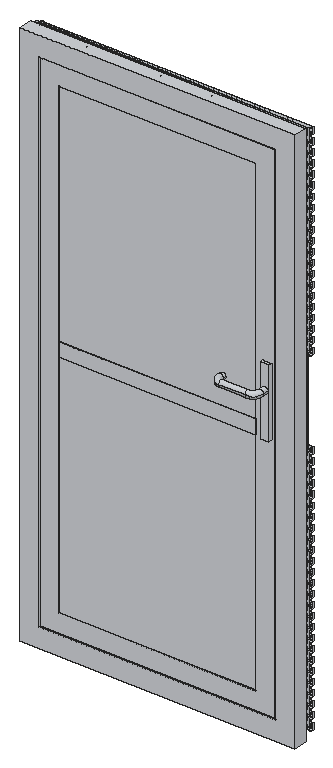
Revit family "NLRS_31_DO_WB_HS27R enkele deur-AV_jazo_jazo", category Doors, host Wall, Revit 2020 (continued)
Definition of nested family "NLRS_31_GM_UN_HS27R start schoep-AV"
  Automatic sketch dimensions
    Extrusion 1 sketch curve to Extrusion 1 sketch curve = 0.233 mm  (x2)
    Extrusion 1 sketch curve to Extrusion 1 sketch curve = 0.966 mm  (x2)
    level to Extrusion 1 sketch curve = 1.769 mm
    Extrusion 1 sketch curve to plane 1 "Center (Front/Back)" = 2.954 mm
    Extrusion 1 sketch curve to Extrusion 1 sketch curve = 0.707 mm  (x2)
    Extrusion 1 sketch curve to Extrusion 1 sketch curve = 0.177 mm  (x2)
    Extrusion 1 sketch curve to Extrusion 1 sketch curve = 0.884 mm  (x2)
    Extrusion 1 sketch curve to plane 1 "Center (Front/Back)" = 0.845 mm
    plane 1 "Center (Front/Back)" to Extrusion 1 sketch curve = 6.941 mm
    plane 1 "Center (Front/Back)" to Extrusion 1 sketch curve = 7.341 mm
    Extrusion 1 sketch curve to Extrusion 1 sketch curve = 0.659 mm
    plane 1 "Center (Front/Back)" to Extrusion 1 sketch curve = 8.195 mm
    Extrusion 1 sketch curve to plane 4 "Top" = 1.716 mm
    Extrusion 1 sketch curve to Extrusion 1 sketch curve = 1.259 mm
    Extrusion 1 sketch curve to Extrusion 1 sketch curve = 0.902 mm
    Extrusion 1 sketch curve to Extrusion 1 sketch curve = 0.7 mm
    Extrusion 1 sketch curve to Extrusion 1 sketch curve = 0 mm
    Extrusion 1 sketch curve to Extrusion 1 sketch curve = 3.2 mm  (x2)
    Extrusion 1 sketch curve to Extrusion 1 sketch curve = 1.8 mm  (x2)
    Extrusion 1 sketch curve to plane 4 "Top" = 0.7 mm
    Extrusion 1 sketch curve to Extrusion 1 sketch curve = 1.787 mm
    Extrusion 1 sketch curve to Extrusion 1 sketch curve = 8.824 mm
    Extrusion 1 sketch curve to Extrusion 1 sketch curve = 1.695 mm
    Extrusion 1 sketch curve to Extrusion 1 sketch curve = 1.012 mm
    Extrusion 1 sketch curve to Extrusion 1 sketch curve = 8.525 mm
    Extrusion 1 sketch curve to Extrusion 1 sketch curve = 10.255 mm
    Extrusion 1 sketch curve to Extrusion 1 sketch curve = 0.108 mm
    Extrusion 1 sketch curve to Extrusion 1 sketch curve = 1.582 mm
    Extrusion 1 sketch curve to Extrusion 1 sketch curve = 1.456 mm
    Extrusion 1 sketch curve to Extrusion 1 sketch curve = 5.649 mm
    Extrusion 1 sketch curve to Extrusion 1 sketch curve = 1.865 mm
    Extrusion 1 sketch curve to Extrusion 1 sketch curve = 0.553 mm
    Extrusion 1 sketch curve to Extrusion 1 sketch curve = 0.79 mm
    Extrusion 1 sketch curve to Extrusion 1 sketch curve = 15.603 mm
    Extrusion 1 sketch curve to Extrusion 1 sketch curve = 0.614 mm  (x2)
    Extrusion 1 sketch curve to Extrusion 1 sketch curve = 7.719 mm
    Extrusion 1 sketch curve to Extrusion 1 sketch curve = 0.9 mm
Definition of nested family "NLRS_31_GM_UN_HS27R schoep-AV"
  Parameters (values of type "HS27R schoep")
    URL = "www.jazo.com"
    NLRS_C_zichtbaar_01 = yes
    NLRS_C_stelruimte_01 = 4 mm  # constant formula
    NLRS_C_materiaal = none
    NLRS_C_breedte [instance] = 2500 mm
    Model = ""
    Manufacturer = "JAZO Zevenaar bv"
    Description = "HS27R schoep"
    Default Elevation = 0 mm
    Assembly Code = "23.30.60.11.17.11"
  Reference planes
    plane 1 "Center (Front/Back)": y = 0
    plane 2 "Bottom": z = 0
    plane 3 "Center (Left/Right)": x = 0
    plane 4 "Top": z = 51.277
    plane 5 "Left": x = -1250
    plane 6 "Right": x = 1250
    plane 7 "schoep l": x = -1246
    plane 8 "schoep r": x = 1246
    plane 9 "achterkant schoep": y = -15
    plane 10 "voorkant schoep": y = 15
    plane 11 "voorkant kozijn": y = -26
  Forms (mm)
    Extrusion 1, solid, material <- "NLRS_C_materiaal", visible <- "NLRS_C_zichtbaar_01"
      sketch origin (0, -15, 0) x (0, -1, 0) y (0, 0, -1)
        loop
          arc (-6.8, -48.582) -> (-6.996, -48.979) -> (-7.429, -49.065) r 0.5
          line (-7.429, -49.065) -> (-12.671, -47.661)
          arc (-12.671, -47.661) -> (-13.773, -48.297) -> (-13.137, -49.4) r 0.9
          line (-13.137, -49.4) -> (-6.259, -51.242)
          arc (-6.259, -51.242) -> (-5.391, -51.07) -> (-5, -50.277) r 1
          line (-5, -50.277) -> (-5, -39.273) -> (0, -39.273) -> (0, -34.273) -> (-1.8, -34.273) -> (-1.8, -37.473) -> (-5, -37.473) -> (-5, -25.969)
          arc (-5, -25.969) -> (-5.902, -25.273) -> (-6.805, -25.969) r 0.933
          line (-6.805, -25.969) -> (-6.805, -26.759) -> (-28.2, -21.026) -> (-28.2, -13.308) -> (-26.2, -13.308)
          arc (-26.2, -13.308) -> (-25.3, -12.408) -> (-26.2, -11.508) r 0.9
          line (-26.2, -11.508) -> (-28.2, -11.508) -> (-28.2, -3.789) -> (-20.663, -1.769)
          arc (-20.663, -1.769) -> (-20.027, -0.667) -> (-21.129, -0.031) r 0.9
          line (-21.129, -0.031) -> (-29.259, -2.209)
          arc (-29.259, -2.209) -> (-29.793, -2.566) -> (-30, -3.175) r 1
          line (-30, -3.175) -> (-30, -21.64)
          arc (-30, -21.64) -> (-29.793, -22.249) -> (-29.259, -22.606) r 1
          line (-29.259, -22.606) -> (-6.8, -28.624) -> (-6.8, -48.582)
      from -1246 to 1246
  Dimensions and locks
    equal spacing: plane 5 "Left", plane 3 "Center (Left/Right)", plane 6 "Right"
    "NLRS_C_breedte": plane 5 "Left" to plane 6 "Right"
    "NLRS_C_stelruimte_01": plane 5 "Left" to plane 7 "schoep l"
    "NLRS_C_stelruimte_01": plane 8 "schoep r" to plane 6 "Right"
    locked: plane 9 "achterkant schoep" to plane 11 "voorkant kozijn" at 11
    aligned and locked: level to plane 2 "Bottom"
    aligned and locked: plane 8 "schoep r" to Extrusion 1
    aligned and locked: Extrusion 1 to plane 7 "schoep l"
  Automatic sketch dimensions
    Extrusion 1 sketch curve to plane 1 "Center (Front/Back)" = 15 mm
    Extrusion 1 sketch curve to Extrusion 1 sketch curve = 0.741 mm  (x2)
    level to Extrusion 1 sketch curve = 2.209 mm
    Extrusion 1 sketch curve to Extrusion 1 sketch curve = 0.259 mm  (x3)
    Extrusion 1 sketch curve to Extrusion 1 sketch curve = 0.8 mm  (x2)
    Extrusion 1 sketch curve to Extrusion 1 sketch curve = 2 mm
    level to Extrusion 1 sketch curve = 0.031 mm
    Extrusion 1 sketch curve to plane 1 "Center (Front/Back)" = 6.129 mm
    Extrusion 1 sketch curve to Extrusion 1 sketch curve = 0.233 mm  (x4)
    level to Extrusion 1 sketch curve = 1.769 mm
    plane 1 "Center (Front/Back)" to Extrusion 1 sketch curve = 1.863 mm
    Extrusion 1 sketch curve to plane 4 "Top" = 2.211 mm
    Extrusion 1 sketch curve to Extrusion 1 sketch curve = 5.241 mm
    Extrusion 1 sketch curve to Extrusion 1 sketch curve = 0.129 mm
    plane 1 "Center (Front/Back)" to Extrusion 1 sketch curve = 8.195 mm
    Extrusion 1 sketch curve to Extrusion 1 sketch curve = 0.005 mm
    Extrusion 1 sketch curve to plane 4 "Top" = 0.034 mm
    Extrusion 1 sketch curve to Extrusion 1 sketch curve = 1.171 mm
    Extrusion 1 sketch curve to Extrusion 1 sketch curve = 0.902 mm  (x2)
    Extrusion 1 sketch curve to plane 4 "Top" = 1 mm
    Extrusion 1 sketch curve to Extrusion 1 sketch curve = 3.2 mm  (x2)
    Extrusion 1 sketch curve to Extrusion 1 sketch curve = 1.8 mm  (x2)
    Extrusion 1 sketch curve to plane 4 "Top" = 1.877 mm
    Extrusion 1 sketch curve to Extrusion 1 sketch curve = 0.869 mm
    Extrusion 1 sketch curve to Extrusion 1 sketch curve = 9.31 mm
    Extrusion 1 sketch curve to Extrusion 1 sketch curve = 5.649 mm
    Extrusion 1 sketch curve to Extrusion 1 sketch curve = 1.865 mm
    Extrusion 1 sketch curve to Extrusion 1 sketch curve = 0.553 mm
    Extrusion 1 sketch curve to Extrusion 1 sketch curve = 0.79 mm
    Extrusion 1 sketch curve to Extrusion 1 sketch curve = 19.431 mm
    Extrusion 1 sketch curve to Extrusion 1 sketch curve = 0.614 mm  (x2)
    Extrusion 1 sketch curve to Extrusion 1 sketch curve = 7.719 mm
    Extrusion 1 sketch curve to Extrusion 1 sketch curve = 0.9 mm
Definition of nested family "NLRS_31_GM_UN_HS27R scharnier schoep-AV"
  Parameters (values of type "HS27R scharnier schoep")
    URL = "www.jazo.com"
    NLRS_C_zichtbaar_01 = yes
    NLRS_C_stelruimte_01 = 4 mm  # constant formula
    NLRS_C_materiaal = none
    NLRS_C_breedte_01 = 40 mm  # constant formula
    NLRS_C_breedte [instance] = 2500 mm
    Model = ""
    Manufacturer = "JAZO Zevenaar bv"
    Description = "HS27R scharnier schoep HS27"
    Default Elevation = 0 mm
    Assembly Code = "23.30.60.11.17.11"
  Reference planes
    plane 1 "Center (Front/Back)": y = 0
    plane 2 "Bottom": z = 0
    plane 3 "Center (Left/Right)": x = 0
    plane 4 "Top": z = 51.277
    plane 5 "scharnier": x = -1206
    plane 6 "Left": x = -1250
    plane 7 "Right": x = 1250
    plane 8 "schoep l": x = -1246
    plane 9 "schoep r": x = 1246
    plane 10 "achterkant schoep": y = -15
    plane 11 "voorkant schoep": y = 15
    plane 12 "voorkant kozijn": y = -26
  Forms (mm)
    Extrusion 1, solid, material <- "NLRS_C_materiaal", visible <- "NLRS_C_zichtbaar_01"
      sketch origin (0, -15, 0) x (0, -1, 0) y (0, 0, -1)
        loop
          arc (-6.8, -48.582) -> (-6.996, -48.979) -> (-7.429, -49.065) r 0.5
          line (-7.429, -49.065) -> (-12.671, -47.661)
          arc (-12.671, -47.661) -> (-13.773, -48.297) -> (-13.137, -49.4) r 0.9
          line (-13.137, -49.4) -> (-6.259, -51.242)
          arc (-6.259, -51.242) -> (-5.391, -51.07) -> (-5, -50.277) r 1
          line (-5, -50.277) -> (-5, -39.273) -> (0, -39.273) -> (0, -34.273) -> (-1.8, -34.273) -> (-1.8, -37.473) -> (-5, -37.473) -> (-5, -25.969)
          arc (-5, -25.969) -> (-5.902, -25.273) -> (-6.805, -25.969) r 0.933
          line (-6.805, -25.969) -> (-6.805, -26.759) -> (-28.2, -21.026) -> (-28.2, -13.308) -> (-26.2, -13.308)
          arc (-26.2, -13.308) -> (-25.3, -12.408) -> (-26.2, -11.508) r 0.9
          line (-26.2, -11.508) -> (-28.2, -11.508) -> (-28.2, -3.789) -> (-20.663, -1.769)
          arc (-20.663, -1.769) -> (-20.027, -0.667) -> (-21.129, -0.031) r 0.9
          line (-21.129, -0.031) -> (-29.259, -2.209)
          arc (-29.259, -2.209) -> (-29.793, -2.566) -> (-30, -3.175) r 1
          line (-30, -3.175) -> (-30, -21.64)
          arc (-30, -21.64) -> (-29.793, -22.249) -> (-29.259, -22.606) r 1
          line (-29.259, -22.606) -> (-6.8, -28.624) -> (-6.8, -48.582)
      from -1206 to 1246
  Dimensions and locks
    equal spacing: plane 6 "Left", plane 3 "Center (Left/Right)", plane 7 "Right"
    "NLRS_C_breedte_01": plane 8 "schoep l" to plane 5 "scharnier"
    "NLRS_C_stelruimte_01": plane 9 "schoep r" to plane 7 "Right"
    "NLRS_C_stelruimte_01": plane 6 "Left" to plane 8 "schoep l"
    "NLRS_C_breedte": plane 6 "Left" to plane 7 "Right"
    locked: plane 10 "achterkant schoep" to plane 12 "voorkant kozijn" at 11
    aligned and locked: level to plane 2 "Bottom"
    aligned and locked: plane 9 "schoep r" to Extrusion 1
    aligned and locked: plane 5 "scharnier" to Extrusion 1
  Automatic sketch dimensions
    Extrusion 1 sketch curve to plane 1 "Center (Front/Back)" = 15 mm
    Extrusion 1 sketch curve to Extrusion 1 sketch curve = 0.741 mm  (x2)
    level to Extrusion 1 sketch curve = 2.209 mm
    Extrusion 1 sketch curve to Extrusion 1 sketch curve = 1 mm  (x2)
    Extrusion 1 sketch curve to Extrusion 1 sketch curve = 0.8 mm  (x2)
    Extrusion 1 sketch curve to Extrusion 1 sketch curve = 2 mm
    level to Extrusion 1 sketch curve = 0.031 mm
    Extrusion 1 sketch curve to plane 1 "Center (Front/Back)" = 6.129 mm
    Extrusion 1 sketch curve to Extrusion 1 sketch curve = 0.233 mm  (x4)
    level to Extrusion 1 sketch curve = 1.769 mm
    plane 1 "Center (Front/Back)" to Extrusion 1 sketch curve = 1.863 mm
    Extrusion 1 sketch curve to plane 4 "Top" = 2.211 mm
    Extrusion 1 sketch curve to Extrusion 1 sketch curve = 5.241 mm
    Extrusion 1 sketch curve to Extrusion 1 sketch curve = 0.129 mm
    plane 1 "Center (Front/Back)" to Extrusion 1 sketch curve = 8.195 mm
    Extrusion 1 sketch curve to Extrusion 1 sketch curve = 0.005 mm
    Extrusion 1 sketch curve to plane 4 "Top" = 0.034 mm
    Extrusion 1 sketch curve to Extrusion 1 sketch curve = 1.171 mm
    Extrusion 1 sketch curve to Extrusion 1 sketch curve = 0.259 mm
    Extrusion 1 sketch curve to Extrusion 1 sketch curve = 0.902 mm  (x2)
    Extrusion 1 sketch curve to plane 4 "Top" = 1 mm
    Extrusion 1 sketch curve to Extrusion 1 sketch curve = 3.2 mm  (x2)
    Extrusion 1 sketch curve to Extrusion 1 sketch curve = 1.8 mm  (x2)
    Extrusion 1 sketch curve to plane 4 "Top" = 1.877 mm
    Extrusion 1 sketch curve to Extrusion 1 sketch curve = 0.869 mm
    Extrusion 1 sketch curve to Extrusion 1 sketch curve = 9.31 mm
    Extrusion 1 sketch curve to Extrusion 1 sketch curve = 5.649 mm
    Extrusion 1 sketch curve to Extrusion 1 sketch curve = 1.865 mm
    Extrusion 1 sketch curve to Extrusion 1 sketch curve = 0.553 mm
    Extrusion 1 sketch curve to Extrusion 1 sketch curve = 0.79 mm
    Extrusion 1 sketch curve to Extrusion 1 sketch curve = 19.431 mm
    Extrusion 1 sketch curve to Extrusion 1 sketch curve = 0.614 mm  (x2)
    Extrusion 1 sketch curve to Extrusion 1 sketch curve = 7.719 mm
    Extrusion 1 sketch curve to Extrusion 1 sketch curve = 0.9 mm
Definition of nested family "NLRS_31_GM_UN_HS27R beslag schoep-AV"
  Parameters (values of type "HS27R beslag schoep")
    URL = "www.jazo.com"
    NLRS_C_zichtbaar_01 = yes
    NLRS_C_stelruimte_01 = 4 mm  # constant formula
    NLRS_C_materiaal = none
    NLRS_C_breedte_01 = 275 mm  # constant formula
    NLRS_C_breedte [instance] = 2500 mm
    Model = ""
    Manufacturer = "JAZO Zevenaar bv"
    Description = "HS27R beslag schoep"
    Default Elevation = 0 mm
    Assembly Code = "23.30.60.11.17.11"
  Reference planes
    plane 1 "Center (Front/Back)": y = 0
    plane 2 "Bottom": z = 0
    plane 3 "Center (Left/Right)": x = 0
    plane 4 "Top": z = 51.277
    plane 5 "beslag": x = 971
    plane 6 "Left": x = -1250
    plane 7 "Right": x = 1250
    plane 8 "schoep l": x = -1246
    plane 9 "schoep r": x = 1246
    plane 10 "achterkant schoep": y = -15
    plane 11 "voorkant schoep": y = 15
    plane 12 "voorkant kozijn": y = -26
  Forms (mm)
    Extrusion 1, solid, material <- "NLRS_C_materiaal", visible <- "NLRS_C_zichtbaar_01"
      sketch origin (0, -15, 0) x (0, -1, 0) y (0, 0, -1)
        loop
          arc (-6.8, -48.582) -> (-6.996, -48.979) -> (-7.429, -49.065) r 0.5
          line (-7.429, -49.065) -> (-12.671, -47.661)
          arc (-12.671, -47.661) -> (-13.773, -48.297) -> (-13.137, -49.4) r 0.9
          line (-13.137, -49.4) -> (-6.259, -51.242)
          arc (-6.259, -51.242) -> (-5.391, -51.07) -> (-5, -50.277) r 1
          line (-5, -50.277) -> (-5, -39.273) -> (0, -39.273) -> (0, -34.273) -> (-1.8, -34.273) -> (-1.8, -37.473) -> (-5, -37.473) -> (-5, -25.969)
          arc (-5, -25.969) -> (-5.902, -25.273) -> (-6.805, -25.969) r 0.933
          line (-6.805, -25.969) -> (-6.805, -26.759) -> (-28.2, -21.026) -> (-28.2, -13.308) -> (-26.2, -13.308)
          arc (-26.2, -13.308) -> (-25.3, -12.408) -> (-26.2, -11.508) r 0.9
          line (-26.2, -11.508) -> (-28.2, -11.508) -> (-28.2, -3.789) -> (-20.663, -1.769)
          arc (-20.663, -1.769) -> (-20.027, -0.667) -> (-21.129, -0.031) r 0.9
          line (-21.129, -0.031) -> (-29.259, -2.209)
          arc (-29.259, -2.209) -> (-29.793, -2.566) -> (-30, -3.175) r 1
          line (-30, -3.175) -> (-30, -21.64)
          arc (-30, -21.64) -> (-29.793, -22.249) -> (-29.259, -22.606) r 1
          line (-29.259, -22.606) -> (-6.8, -28.624) -> (-6.8, -48.582)
      from -1246 to 971
  Dimensions and locks
    equal spacing: plane 6 "Left", plane 3 "Center (Left/Right)", plane 7 "Right"
    "NLRS_C_breedte": plane 6 "Left" to plane 7 "Right"
    "NLRS_C_breedte_01": plane 5 "beslag" to plane 9 "schoep r"
    "NLRS_C_stelruimte_01": plane 6 "Left" to plane 8 "schoep l"
    "NLRS_C_stelruimte_01": plane 9 "schoep r" to plane 7 "Right"
    locked: plane 10 "achterkant schoep" to plane 12 "voorkant kozijn" at 11
    aligned and locked: level to plane 2 "Bottom"
    aligned and locked: Extrusion 1 to plane 5 "beslag"
    aligned and locked: Extrusion 1 to plane 8 "schoep l"
  Automatic sketch dimensions
    Extrusion 1 sketch curve to plane 1 "Center (Front/Back)" = 15 mm
    Extrusion 1 sketch curve to Extrusion 1 sketch curve = 0.741 mm  (x2)
    level to Extrusion 1 sketch curve = 2.209 mm
    Extrusion 1 sketch curve to Extrusion 1 sketch curve = 0.259 mm  (x3)
    Extrusion 1 sketch curve to Extrusion 1 sketch curve = 0.8 mm  (x2)
    Extrusion 1 sketch curve to Extrusion 1 sketch curve = 2 mm
    level to Extrusion 1 sketch curve = 0.031 mm
    Extrusion 1 sketch curve to plane 1 "Center (Front/Back)" = 6.129 mm
    Extrusion 1 sketch curve to Extrusion 1 sketch curve = 0.233 mm  (x4)
    level to Extrusion 1 sketch curve = 1.769 mm
    plane 1 "Center (Front/Back)" to Extrusion 1 sketch curve = 1.863 mm
    Extrusion 1 sketch curve to plane 4 "Top" = 2.211 mm
    Extrusion 1 sketch curve to Extrusion 1 sketch curve = 5.241 mm
    Extrusion 1 sketch curve to Extrusion 1 sketch curve = 0.129 mm
    plane 1 "Center (Front/Back)" to Extrusion 1 sketch curve = 8.195 mm
    Extrusion 1 sketch curve to Extrusion 1 sketch curve = 0.005 mm
    Extrusion 1 sketch curve to plane 4 "Top" = 0.034 mm
    Extrusion 1 sketch curve to Extrusion 1 sketch curve = 1.171 mm
    Extrusion 1 sketch curve to Extrusion 1 sketch curve = 0.902 mm  (x2)
    Extrusion 1 sketch curve to plane 4 "Top" = 1 mm
    Extrusion 1 sketch curve to Extrusion 1 sketch curve = 3.2 mm  (x2)
    Extrusion 1 sketch curve to Extrusion 1 sketch curve = 1.8 mm  (x2)
    Extrusion 1 sketch curve to plane 4 "Top" = 1.877 mm
    Extrusion 1 sketch curve to Extrusion 1 sketch curve = 0.869 mm
    Extrusion 1 sketch curve to Extrusion 1 sketch curve = 9.31 mm
    Extrusion 1 sketch curve to Extrusion 1 sketch curve = 5.649 mm
    Extrusion 1 sketch curve to Extrusion 1 sketch curve = 1.865 mm
    Extrusion 1 sketch curve to Extrusion 1 sketch curve = 0.553 mm
    Extrusion 1 sketch curve to Extrusion 1 sketch curve = 0.79 mm
    Extrusion 1 sketch curve to Extrusion 1 sketch curve = 19.431 mm
    Extrusion 1 sketch curve to Extrusion 1 sketch curve = 0.614 mm  (x2)
    Extrusion 1 sketch curve to Extrusion 1 sketch curve = 7.719 mm
    Extrusion 1 sketch curve to Extrusion 1 sketch curve = 0.9 mm
Definition of nested family "NLRS_31_GM_UN_beslagbak HS27R-AV"
  Parameters (values of type "beslagbak HS27R")
    URL = "www.jazo.com"
    NLRS_C_diepte_01 = 50 mm
    NLRS_C_afstand = if(JAZO_C_enkele deur, 95 mm, if(JAZO_C_dubbele deur, 56 mm, 56 mm))  # 95 mm
    Model = ""
    Manufacturer = "JAZO Zevenaar bv"
    JAZO_C_opbouwrooster HS27R = yes
    JAZO_C_materiaal schoep = none
    JAZO_C_materiaal beslag = none
    JAZO_C_enkele deur = yes
    JAZO_C_dubbele deur = no
    Description = "beslagbak HS27R"
    Default Elevation = 0 mm
    Assembly Code = "23.30.40.31"
  Reference planes
    plane 1 "Center (Front/Back)": y = 0
    plane 2 "Bottom": z = 0
    plane 3 "Center (Left/Right)": x = 0
    plane 4 "Tussen": x = -179.999
    plane 5 "Right": x = 95
    plane 6 "Left": x = -240
    plane 7 "center hs27r": z = 220
    plane 8 "knop-kruk": x = 0
    plane 9 "stelruimte belsagbak": x = 99
    plane 10 "voorkant kozijn": y = -11
  Dimensions and locks
    plane 4 "Tussen" to plane 3 "Center (Left/Right)" = 179.999 mm
    plane 3 "Center (Left/Right)" to plane 5 "Right" = 95 mm
    plane 4 "Tussen" to plane 5 "Right" = 274.999 mm
    plane 6 "Left" to plane 4 "Tussen" = 60.001 mm
    "NLRS_C_afstand": plane 5 "Right" to plane 8 "knop-kruk"
    locked: plane 5 "Right" to plane 9 "stelruimte belsagbak" at 4
    locked: plane 10 "voorkant kozijn" to plane 1 "Center (Front/Back)" at 11
    aligned and locked: level to plane 2 "Bottom"
    aligned and locked: plane 5 "Right" to nested 1
    aligned and locked: plane 6 "Left" to nested 1
    aligned and locked: plane 4 "Tussen" to nested 1
    aligned and locked: plane 7 "center hs27r" to nested 2
    aligned and locked: nested 1 to plane 1 "Center (Front/Back)"
    aligned and locked: plane 8 "knop-kruk" to nested 2
  Nested families
    nested 1: "NLRS_31_GM_UN_beslagbak los HS27R-AV" at (0, 15, 0), visible <- "JAZO_C_opbouwrooster HS27R", type "beslagbak HS27R"
    nested 2: "NLRS_31_GM_UN_beslag opbouwrooster-AV" at (0, -11, 57), visible <- "JAZO_C_opbouwrooster HS27R", type "beslag opbouwrooster"
  Definition of nested family "NLRS_31_GM_UN_beslagbak los HS27R-AV"
    Parameters (values of type "beslagbak HS27R")
      URL = "www.jazo.com"
      NLRS_C_materiaal = none
      Model = ""
      Manufacturer = "Jazo Zevenaar bv"
      Description = "Beslagbak HS27R"
      Default Elevation = 0 mm
      Assembly Code = "23.30.40.31"
    Reference planes
      plane 1 "Center (Front/Back)": y = 0
      plane 2 "Bottom": z = 0
      plane 3 "Center (Left/Right)": x = 0
      plane 4 "Tussen": x = -179.999
      plane 5 "Right": x = 95
      plane 6 "Left": x = -240
      plane 7 "mid": x = -211.999
      plane 8 "bevestiging": y = -15
    Forms (mm)
      Extrusion 1, solid, material <- "NLRS_C_materiaal"
        sketch origin (0, -15, 0) x (0, 1, 0) y (0, 0, 1)
          loop
            line (4, 29.374) -> (4, 337.954) -> (12.671, 335.63)
            arc (12.671, 335.63) -> (13.82, 336.294) -> (13.156, 337.443) r 0.939
            line (13.156, 337.443) -> (3.057, 340.15)
            arc (3.057, 340.15) -> (2.216, 339.997) -> (1.8, 339.252) r 1
            line (1.8, 339.252) -> (1.8, 28.1) -> (28.2, 21.026) -> (28.2, 13.308) -> (26.2, 13.308)
            arc (26.2, 13.308) -> (25.3, 12.408) -> (26.2, 11.508) r 0.9
            line (26.2, 11.508) -> (28.2, 11.508) -> (28.2, 3.789) -> (20.663, 1.769)
            arc (20.663, 1.769) -> (20.027, 0.667) -> (21.129, 0.031) r 0.9
            line (21.129, 0.031) -> (29.259, 2.209)
            arc (29.259, 2.209) -> (29.793, 2.566) -> (30, 3.175) r 1
            line (30, 3.175) -> (30, 21.64)
            arc (30, 21.64) -> (29.793, 22.249) -> (29.259, 22.606) r 1
            line (29.259, 22.606) -> (4, 29.374)
        from 95 to -179.999
      Extrusion 2, solid, material <- "NLRS_C_materiaal"
        sketch origin (0, -13.2, 0) x (1, 0, 0) y (0, 1, 0)
          loop
            line (-240, 0) -> (-240, -9)
            arc (-240, -9) -> (-239.414, -10.414) -> (-238, -11) r 2
            line (-238, -11) -> (-212, -11)
            arc (-212, -11) -> (-210.586, -10.414) -> (-210, -9) r 2
            line (-210, -9) -> (-210, -2.014)
            arc (-210, -2.014) -> (-209.41, -0.59) -> (-207.986, 0) r 2.014
            line (-207.986, 0) -> (-179.999, 0) -> (-179.999, 2.2) -> (-207.786, 2.2)
            arc (-207.786, 2.2) -> (-210.766, 0.966) -> (-212, -2.014) r 4.214
            line (-212, -2.014) -> (-212, -9) -> (-238, -9) -> (-238, 0) -> (-240, 0)
        from 337.954 to 29.374
      Extrusion 3, void
        sketch origin (0, 0, 0) x (0, 1, 0) y (0, 0, 1)
          loop
            line (-15.5, 327.773) -> (-15.5, 321.773) -> (-13.2, 321.773) -> (-13.2, 324.973) -> (-10, 324.973) -> (-10, 327.773) -> (-15.5, 327.773)
        from -179.499 to -240
      Extrusion 4, void
        sketch origin (0, 0, -36) x (0, 1, 0) y (0, 0, 1)
          loop
            line (-15.5, 327.773) -> (-15.5, 321.773) -> (-13.2, 321.773) -> (-13.2, 324.973) -> (-10, 324.973) -> (-10, 327.773) -> (-15.5, 327.773)
        from -179.499 to -240
      Extrusion 5, void
        sketch origin (0, 0, -72) x (0, 1, 0) y (0, 0, 1)
          loop
            line (-15.5, 327.773) -> (-15.5, 321.773) -> (-13.2, 321.773) -> (-13.2, 324.973) -> (-10, 324.973) -> (-10, 327.773) -> (-15.5, 327.773)
        from -179.499 to -240
      Extrusion 6, void
        sketch origin (0, 0, -108) x (0, 1, 0) y (0, 0, 1)
          loop
            line (-15.5, 327.773) -> (-15.5, 321.773) -> (-13.2, 321.773) -> (-13.2, 324.973) -> (-10, 324.973) -> (-10, 327.773) -> (-15.5, 327.773)
        from -179.499 to -240
      Extrusion 7, void
        sketch origin (0, 0, -144) x (0, 1, 0) y (0, 0, 1)
          loop
            line (-15.5, 327.773) -> (-15.5, 321.773) -> (-13.2, 321.773) -> (-13.2, 324.973) -> (-10, 324.973) -> (-10, 327.773) -> (-15.5, 327.773)
        from -179.499 to -240
      Extrusion 8, void
        sketch origin (0, 0, -180) x (0, 1, 0) y (0, 0, 1)
          loop
            line (-15.5, 327.773) -> (-15.5, 321.773) -> (-13.2, 321.773) -> (-13.2, 324.973) -> (-10, 324.973) -> (-10, 327.773) -> (-15.5, 327.773)
        from -179.499 to -240
      Extrusion 9, void
        sketch origin (0, 0, -216) x (0, 1, 0) y (0, 0, 1)
          loop
            line (-15.5, 327.773) -> (-15.5, 321.773) -> (-13.2, 321.773) -> (-13.2, 324.973) -> (-10, 324.973) -> (-10, 327.773) -> (-15.5, 327.773)
        from -179.499 to -240
      Extrusion 10, void
        sketch origin (0, 0, -252) x (0, 1, 0) y (0, 0, 1)
          loop
            line (-15.5, 327.773) -> (-15.5, 321.773) -> (-13.2, 321.773) -> (-13.2, 324.973) -> (-10, 324.973) -> (-10, 327.773) -> (-15.5, 327.773)
        from -179.499 to -240
      Extrusion 11, void
        sketch origin (0, 0, -288) x (0, 1, 0) y (0, 0, 1)
          loop
            line (-15.5, 327.773) -> (-15.5, 321.773) -> (-13.2, 321.773) -> (-13.2, 324.973) -> (-10, 324.973) -> (-10, 327.773) -> (-15.5, 327.773)
        from -179.499 to -240
      Extrusion 12, solid, material <- "NLRS_C_materiaal"
        sketch origin (-333, -15, 0) x (0, 1, 0) y (0, 0, 1)
          loop
            line (1.8, 28.1) -> (4.5, 27.377) -> (4.5, 37.473) -> (4.5, 50.277)
            arc (4.5, 50.277) -> (5.087, 51.467) -> (6.388, 51.725) r 1.5
            line (6.388, 51.725) -> (13.266, 49.883)
            arc (13.266, 49.883) -> (14.116, 49.23) -> (14.256, 48.168) r 1.4
            line (14.256, 48.168) -> (27.7, 44.566) -> (27.7, 46.015) -> (27.7, 47.008) -> (26.2, 47.008)
            arc (26.2, 47.008) -> (24.8, 48.408) -> (26.2, 49.808) r 1.4
            line (26.2, 49.808) -> (27.7, 49.808) -> (27.7, 56.643) -> (7.332, 62.1)
            arc (7.332, 62.1) -> (5.998, 60.777) -> (4.5, 61.911) r 1.433
            line (4.5, 61.911) -> (4.5, 73.473) -> (4.5, 86.277)
            arc (4.5, 86.277) -> (5.087, 87.467) -> (6.388, 87.725) r 1.5
            line (6.388, 87.725) -> (13.266, 85.883)
            arc (13.266, 85.883) -> (14.116, 85.23) -> (14.256, 84.168) r 1.4
            line (14.256, 84.168) -> (27.7, 80.566) -> (27.7, 82.015) -> (27.7, 83.008) -> (26.2, 83.008)
            arc (26.2, 83.008) -> (24.8, 84.408) -> (26.2, 85.808) r 1.4
            line (26.2, 85.808) -> (27.7, 85.808) -> (27.7, 92.643) -> (7.332, 98.1)
            arc (7.332, 98.1) -> (5.998, 96.777) -> (4.5, 97.911) r 1.433
            line (4.5, 97.911) -> (4.5, 109.473) -> (4.5, 122.277)
            arc (4.5, 122.277) -> (5.087, 123.467) -> (6.388, 123.725) r 1.5
            line (6.388, 123.725) -> (13.266, 121.883)
            arc (13.266, 121.883) -> (14.116, 121.23) -> (14.256, 120.168) r 1.4
            line (14.256, 120.168) -> (27.7, 116.566) -> (27.7, 118.015) -> (27.7, 119.008) -> (26.2, 119.008)
            arc (26.2, 119.008) -> (24.8, 120.408) -> (26.2, 121.808) r 1.4
            line (26.2, 121.808) -> (27.7, 121.808) -> (27.7, 128.643) -> (7.332, 134.1)
            arc (7.332, 134.1) -> (5.998, 132.777) -> (4.5, 133.911) r 1.433
            line (4.5, 133.911) -> (4.5, 145.473) -> (4.5, 158.277)
            arc (4.5, 158.277) -> (5.087, 159.467) -> (6.388, 159.725) r 1.5
            line (6.388, 159.725) -> (13.266, 157.883)
            arc (13.266, 157.883) -> (14.116, 157.23) -> (14.256, 156.168) r 1.4
            line (14.256, 156.168) -> (27.7, 152.566) -> (27.7, 154.015) -> (27.7, 155.008) -> (26.2, 155.008)
            arc (26.2, 155.008) -> (24.8, 156.408) -> (26.2, 157.808) r 1.4
            line (26.2, 157.808) -> (27.7, 157.808) -> (27.7, 164.643) -> (7.332, 170.1)
            arc (7.332, 170.1) -> (5.998, 168.777) -> (4.5, 169.911) r 1.433
            line (4.5, 169.911) -> (4.5, 181.473) -> (4.5, 194.277)
            arc (4.5, 194.277) -> (5.087, 195.467) -> (6.388, 195.725) r 1.5
            line (6.388, 195.725) -> (13.266, 193.883)
            arc (13.266, 193.883) -> (14.116, 193.23) -> (14.256, 192.168) r 1.4
            line (14.256, 192.168) -> (27.7, 188.566) -> (27.7, 190.015) -> (27.7, 191.008) -> (26.2, 191.008)
            arc (26.2, 191.008) -> (24.8, 192.408) -> (26.2, 193.808) r 1.4
            line (26.2, 193.808) -> (27.7, 193.808) -> (27.7, 200.643) -> (7.332, 206.1)
            arc (7.332, 206.1) -> (5.998, 204.777) -> (4.5, 205.911) r 1.433
            line (4.5, 205.911) -> (4.5, 217.473) -> (4.5, 230.277)
            arc (4.5, 230.277) -> (5.087, 231.467) -> (6.388, 231.725) r 1.5
            line (6.388, 231.725) -> (13.266, 229.883)
            arc (13.266, 229.883) -> (14.116, 229.23) -> (14.256, 228.168) r 1.4
            line (14.256, 228.168) -> (27.7, 224.566) -> (27.7, 226.015) -> (27.7, 227.008) -> (26.2, 227.008)
            arc (26.2, 227.008) -> (24.8, 228.408) -> (26.2, 229.808) r 1.4
            line (26.2, 229.808) -> (27.7, 229.808) -> (27.7, 236.643) -> (7.332, 242.1)
            arc (7.332, 242.1) -> (5.998, 240.777) -> (4.5, 241.911) r 1.433
            line (4.5, 241.911) -> (4.5, 253.473) -> (4.5, 266.277)
            arc (4.5, 266.277) -> (5.087, 267.467) -> (6.388, 267.725) r 1.5
            line (6.388, 267.725) -> (13.266, 265.883)
            arc (13.266, 265.883) -> (14.116, 265.23) -> (14.256, 264.168) r 1.4
            line (14.256, 264.168) -> (27.7, 260.566) -> (27.7, 262.015) -> (27.7, 263.008) -> (26.2, 263.008)
            arc (26.2, 263.008) -> (24.8, 264.408) -> (26.2, 265.808) r 1.4
            line (26.2, 265.808) -> (27.7, 265.808) -> (27.7, 272.643) -> (7.332, 278.1)
            arc (7.332, 278.1) -> (5.998, 276.777) -> (4.5, 277.911) r 1.433
            line (4.5, 277.911) -> (4.5, 289.473) -> (4.5, 302.277)
            arc (4.5, 302.277) -> (5.087, 303.467) -> (6.388, 303.725) r 1.5
            line (6.388, 303.725) -> (13.266, 301.883)
            arc (13.266, 301.883) -> (14.116, 301.23) -> (14.256, 300.168) r 1.4
            line (14.256, 300.168) -> (27.7, 296.566) -> (27.7, 298.015) -> (27.7, 299.008) -> (26.2, 299.008)
            arc (26.2, 299.008) -> (24.8, 300.408) -> (26.2, 301.808) r 1.4
            line (26.2, 301.808) -> (27.7, 301.808) -> (27.7, 308.643) -> (7.332, 314.1)
            arc (7.332, 314.1) -> (5.998, 312.777) -> (4.5, 313.911) r 1.433
            line (4.5, 313.911) -> (4.5, 324.973) -> (1.8, 324.973) -> (1.8, 289.473) -> (1.8, 253.473) -> (1.8, 217.473) -> (1.8, 181.473) -> (1.8, 145.473) -> (1.8, 109.473) -> (1.8, 73.473) -> (1.8, 37.473) -> (1.8, 28.1)
        from 95 to 93
    Cuts and joins
      Extrusion 3, Extrusion 4, Extrusion 5, Extrusion 6, Extrusion 7, Extrusion 8, Extrusion 9, Extrusion 10, Extrusion 11 cuts Extrusion 1
      Extrusion 3, Extrusion 4, Extrusion 5, Extrusion 6, Extrusion 7, Extrusion 8, Extrusion 9, Extrusion 10, Extrusion 11 cuts Extrusion 2
      joined: Extrusion 1, Extrusion 2, Extrusion 12
    Dimensions and locks
      plane 4 "Tussen" to plane 3 "Center (Left/Right)" = 179.999 mm
      plane 3 "Center (Left/Right)" to plane 5 "Right" = 95 mm
      plane 4 "Tussen" to plane 5 "Right" = 274.999 mm
      plane 6 "Left" to plane 4 "Tussen" = 60.001 mm
      locked: plane 7 "mid" to plane 4 "Tussen" at 32
      equal spacing: group 1, group 2, group 3, group 4, group 5, group 6, group 7, group 8, group 9  (x2)
      equal spacing: group 9, group 8, group 7, group 6, group 5, group 4, group 3, group 2, group 1
      aligned and locked: level to plane 2 "Bottom"
      aligned and locked: Extrusion 1 to plane 5 "Right"
      aligned and locked: Extrusion 1 to plane 4 "Tussen"
      aligned and locked: Extrusion 3 to plane 6 "Left"
    Automatic sketch dimensions
      level to Extrusion 1 sketch curve = 337.954 mm
      Extrusion 1 sketch curve to Extrusion 1 sketch curve = 8.671 mm
      Extrusion 1 sketch curve to Extrusion 1 sketch curve = 2.323 mm
      Extrusion 1 sketch curve to Extrusion 1 sketch curve = 0.243 mm  (x2)
      Extrusion 1 sketch curve to Extrusion 1 sketch curve = 0.907 mm
      Extrusion 1 sketch curve to Extrusion 1 sketch curve = 0.943 mm
      Extrusion 1 sketch curve to Extrusion 1 sketch curve = 2.196 mm
      Extrusion 1 sketch curve to Extrusion 1 sketch curve = 0.259 mm  (x3)
      Extrusion 1 sketch curve to Extrusion 1 sketch curve = 0.966 mm  (x2)
      Extrusion 1 sketch curve to Extrusion 1 sketch curve = 0.998 mm
      level to Extrusion 1 sketch curve = 22.606 mm
      level to Extrusion 1 sketch curve = 3.175 mm
      Extrusion 1 sketch curve to Extrusion 1 sketch curve = 1 mm
      level to Extrusion 1 sketch curve = 0.031 mm
      Extrusion 1 sketch curve to Extrusion 1 sketch curve = 8.129 mm
      Extrusion 1 sketch curve to Extrusion 1 sketch curve = 0.233 mm  (x2)
      Extrusion 1 sketch curve to Extrusion 1 sketch curve = 0.869 mm
      level to Extrusion 1 sketch curve = 3.789 mm
      Extrusion 1 sketch curve to Extrusion 1 sketch curve = 0.8 mm
      Extrusion 1 sketch curve to Extrusion 1 sketch curve = 7.719 mm
      Extrusion 1 sketch curve to Extrusion 1 sketch curve = 2 mm
      Extrusion 1 sketch curve to Extrusion 1 sketch curve = 0.9 mm
      Extrusion 1 sketch curve to Extrusion 1 sketch curve = 0 mm
      Extrusion 1 sketch curve to Extrusion 1 sketch curve = 0.614 mm
      Extrusion 1 sketch curve to Extrusion 1 sketch curve = 7.074 mm
      Extrusion 1 sketch curve to plane 1 "Center (Front/Back)" = 5.663 mm
      Extrusion 1 sketch curve to Extrusion 1 sketch curve = 1.274 mm
      plane 1 "Center (Front/Back)" to Extrusion 1 sketch curve = 13.2 mm
      Extrusion 3 sketch curve to Extrusion 3 sketch curve = 3.2 mm  (x2)
      Extrusion 3 sketch curve to Extrusion 3 sketch curve = 2.8 mm
      Extrusion 3 sketch curve to Extrusion 3 sketch curve = 2.3 mm
      Extrusion 4 sketch curve to Extrusion 4 sketch curve = 3.2 mm  (x2)
      Extrusion 4 sketch curve to Extrusion 4 sketch curve = 2.8 mm
      Extrusion 4 sketch curve to Extrusion 4 sketch curve = 2.3 mm
      Extrusion 5 sketch curve to Extrusion 5 sketch curve = 3.2 mm  (x2)
      Extrusion 5 sketch curve to Extrusion 5 sketch curve = 2.8 mm
      Extrusion 5 sketch curve to Extrusion 5 sketch curve = 2.3 mm
      Extrusion 6 sketch curve to Extrusion 6 sketch curve = 3.2 mm  (x2)
      Extrusion 6 sketch curve to Extrusion 6 sketch curve = 2.8 mm
      Extrusion 6 sketch curve to Extrusion 6 sketch curve = 2.3 mm
      Extrusion 7 sketch curve to Extrusion 7 sketch curve = 3.2 mm  (x2)
      Extrusion 7 sketch curve to Extrusion 7 sketch curve = 2.8 mm
      Extrusion 7 sketch curve to Extrusion 7 sketch curve = 2.3 mm
      Extrusion 8 sketch curve to Extrusion 8 sketch curve = 3.2 mm  (x2)
      Extrusion 8 sketch curve to Extrusion 8 sketch curve = 2.8 mm
      Extrusion 8 sketch curve to Extrusion 8 sketch curve = 2.3 mm
      Extrusion 9 sketch curve to Extrusion 9 sketch curve = 3.2 mm  (x2)
      Extrusion 9 sketch curve to Extrusion 9 sketch curve = 2.8 mm
      Extrusion 9 sketch curve to Extrusion 9 sketch curve = 2.3 mm
      Extrusion 10 sketch curve to Extrusion 10 sketch curve = 3.2 mm  (x2)
      Extrusion 10 sketch curve to Extrusion 10 sketch curve = 2.8 mm
      Extrusion 10 sketch curve to Extrusion 10 sketch curve = 2.3 mm
      Extrusion 11 sketch curve to Extrusion 11 sketch curve = 3.2 mm  (x2)
      Extrusion 11 sketch curve to Extrusion 11 sketch curve = 2.8 mm
      Extrusion 11 sketch curve to Extrusion 11 sketch curve = 2.3 mm
      Extrusion 2 sketch curve to plane 6 "Left" = 0 mm
      Extrusion 2 sketch curve to plane 4 "Tussen" = 0 mm
      Extrusion 2 sketch curve to Extrusion 2 sketch curve = 2 mm
      plane 6 "Left" to Extrusion 2 sketch curve = 2 mm
      plane 7 "mid" to Extrusion 2 sketch curve = 0.001 mm
      Extrusion 2 sketch curve to Extrusion 2 sketch curve = 0 mm  (x3)
      Extrusion 2 sketch curve to plane 7 "mid" = 1.999 mm
      Extrusion 2 sketch curve to Extrusion 2 sketch curve = 2.014 mm
      Extrusion 2 sketch curve to Extrusion 2 sketch curve = 0.2 mm
      plane 1 "Center (Front/Back)" to Extrusion 2 sketch curve = 24.2 mm
      Extrusion 2 sketch curve to Extrusion 2 sketch curve = 6.986 mm
      Extrusion 2 sketch curve to Extrusion 2 sketch curve = 9 mm
      plane 1 "Center (Front/Back)" to Extrusion 12 sketch curve = 13.2 mm
      plane 1 "Center (Front/Back)" to Extrusion 12 sketch curve = 10.5 mm  (x3)
      Extrusion 12 sketch curve to Extrusion 12 sketch curve = 2.7 mm  (x6)
      Extrusion 12 sketch curve to Extrusion 12 sketch curve = 1.402 mm  (x8)
      Extrusion 12 sketch curve to Extrusion 12 sketch curve = 1.5 mm  (x24)
      Extrusion 12 sketch curve to Extrusion 12 sketch curve = 0.388 mm  (x8)
      Extrusion 12 sketch curve to Extrusion 12 sketch curve = 1.429 mm  (x8)
      plane 1 "Center (Front/Back)" to Extrusion 12 sketch curve = 2.096 mm  (x8)
      Extrusion 12 sketch curve to Extrusion 12 sketch curve = 0.362 mm  (x16)
      plane 1 "Center (Front/Back)" to Extrusion 12 sketch curve = 0.744 mm  (x8)
      Extrusion 12 sketch curve to plane 1 "Center (Front/Back)" = 11.2 mm  (x8)
      level to Extrusion 12 sketch curve = 27.377 mm
      Extrusion 12 sketch curve to Extrusion 12 sketch curve = 10.096 mm
      Extrusion 12 sketch curve to Extrusion 12 sketch curve = 7.093 mm
      Extrusion 12 sketch curve to Extrusion 12 sketch curve = 1.449 mm  (x8)
      Extrusion 12 sketch curve to Extrusion 12 sketch curve = 0.993 mm  (x8)
      Extrusion 12 sketch curve to Extrusion 12 sketch curve = 1.16 mm  (x8)
      Extrusion 12 sketch curve to Extrusion 12 sketch curve = 1.4 mm  (x8)
      Extrusion 12 sketch curve to Extrusion 12 sketch curve = 1.746 mm  (x8)
      Extrusion 12 sketch curve to Extrusion 12 sketch curve = 6.835 mm  (x8)
      Extrusion 12 sketch curve to Extrusion 12 sketch curve = 10.186 mm  (x8)
      Extrusion 12 sketch curve to Extrusion 12 sketch curve = 0.189 mm  (x8)
      Extrusion 12 sketch curve to Extrusion 12 sketch curve = 11.266 mm  (x5)
      Extrusion 12 sketch curve to Extrusion 12 sketch curve = 0 mm  (x8)
      Extrusion 12 sketch curve to Extrusion 12 sketch curve = 23.923 mm  (x7)
      Extrusion 12 sketch curve to Extrusion 12 sketch curve = 11.561 mm  (x2)
      Extrusion 12 sketch curve to Extrusion 12 sketch curve = 10.766 mm
      Extrusion 12 sketch curve to Extrusion 12 sketch curve = 0.723 mm
  Definition of nested family "NLRS_31_GM_UN_beslag opbouwrooster-AV"
    Parameters (values of type "beslag opbouwrooster")
      URL = "www.jazo.com"
      NLRS_C_materiaal = none
      NLRS_C_diepte_01 = 50 mm
      Model = ""
      Manufacturer = "Jazo Zevenaar bv"
      Description = "Beslag opbouwrooster"
      Default Elevation = 0 mm
      Assembly Code = "23.30.40.31"
    Reference planes
      plane 1 "Center (Front/Back)": y = 0
      plane 2 "Bottom": z = 0
      plane 3 "Center (Left/Right)": x = 0
      plane 4 "kruk": z = 163
      plane 5 "cilinder": z = 71.5
      plane 6 "achterkant kozijn": y = -50
      plane 7 "start beslag": y = 15
    Forms (mm)
      Extrusion 1, solid, material <- "NLRS_C_materiaal"
        sketch origin (0, 37, 0) x (1, 0, 0) y (0, 1, 0)
          loop
            line (-16, -10) -> (-16, -22) -> (16, -22) -> (16, -10) -> (-16, -10)
        from 0 to 251
      Extrusion 2, solid, material <- "NLRS_C_materiaal"
        sketch origin (0, 0, 0) x (1, 0, 0) y (0, 0, -1)
          loop
            circle (0, -163) r 11
        from 27 to 57
      Extrusion 3, solid, material <- "NLRS_C_materiaal"
        sketch origin (0, 0, 0) x (1, 0, 0) y (0, 0, -1)
          loop
            circle (0, -163) r 25
        from 57 to 73
      Sweep 4, solid, material <- "NLRS_C_materiaal"
        path origin (0, -4, 0) x (1, 0, 0) y (0, 1, 0)
          loop
            line (0, -58) -> (0, -80)
            arc (0, -80) -> (-7.249, -97.5) -> (-24.749, -104.749) r 24.749
            line (-24.749, -104.749) -> (-120.749, -104.749)
            arc (-120.749, -104.749) -> (-138.249, -97.5) -> (-145.497, -80) r 24.749
            line (-145.497, -80) -> (-145.497, -69)
        profile origin (0, -73, 0) x (1, 0, 0) y (0, 0, 1)
          loop
            circle (0, 163) r 11
      Extrusion 5, solid, material <- "NLRS_C_materiaal"
        sketch origin (0, -37, 0) x (1, 0, 0) y (0, 1, 0)
          loop
            line (-16, -25) -> (16, -25) -> (16, -13) -> (-16, -13) -> (-16, -25)
        from 0 to 251
    Dimensions and locks
      locked: plane 4 "kruk" to plane 2 "Bottom" at 163
      locked: plane 5 "cilinder" to plane 2 "Bottom" at 71.5
      locked: plane 7 "start beslag" to Extrusion 2 at 12
      locked: plane 7 "start beslag" to Extrusion 3 at 42
      locked: Extrusion 3 to plane 7 "start beslag" at 58
      locked: plane 1 "Center (Front/Back)" to plane 7 "start beslag" at 15
      "NLRS_C_diepte_01": plane 6 "achterkant kozijn" to plane 1 "Center (Front/Back)"
      aligned and locked: level to plane 2 "Bottom"
      aligned and locked: Extrusion 1 to plane 7 "start beslag"
      aligned and locked: Extrusion 2 to Extrusion 3
      aligned and locked: Extrusion 2 to Extrusion 1
    Automatic sketch dimensions
      Extrusion 1 sketch curve to plane 7 "start beslag" = 0 mm
      Extrusion 1 sketch curve to plane 3 "Center (Left/Right)" = 16 mm
      plane 3 "Center (Left/Right)" to Extrusion 1 sketch curve = 16 mm
      plane 7 "start beslag" to Extrusion 1 sketch curve = 12 mm
      Extrusion 2 sketch curve to plane 3 "Center (Left/Right)" = 0 mm
      Extrusion 2 sketch curve to plane 4 "kruk" = 0 mm
      Extrusion 3 sketch curve to plane 3 "Center (Left/Right)" = 0 mm
      Extrusion 3 sketch curve to plane 4 "kruk" = 0 mm
      Sweep 4 sketch curve to plane 3 "Center (Left/Right)" = 0 mm
      Sweep 4 sketch curve to plane 3 "Center (Left/Right)" = 24.749 mm
      Sweep 4 sketch curve to plane 6 "achterkant kozijn" = 58.749 mm
      Sweep 4 sketch curve to Sweep 4 sketch curve = 96 mm
      Sweep 4 sketch curve to Sweep 4 sketch curve = 24.749 mm
      Sweep 4 sketch curve to Sweep 4 sketch curve = 11 mm
      Sweep 4 sketch curve to plane 6 "achterkant kozijn" = 12 mm
      profile plane to Sweep 4 sketch curve = 0 mm
      profile plane to Sweep 4 sketch curve = 163 mm
      Extrusion 5 sketch curve to plane 6 "achterkant kozijn" = 0 mm
      Extrusion 5 sketch curve to plane 3 "Center (Left/Right)" = 16 mm
      plane 3 "Center (Left/Right)" to Extrusion 5 sketch curve = 16 mm
      Extrusion 5 sketch curve to Extrusion 5 sketch curve = 12 mm
      radius of Extrusion 2 sketch curve = 11 mm
      radius of Extrusion 3 sketch curve = 25 mm
      radius of Sweep 4 sketch curve = 11 mm
Definition of nested family "NLRS_31_GM_UN_scharnier staal HS27R-AV"
  Parameters (values of type "scharnier staal HS27R")
    URL = "www.jazo.com"
    NLRS_C_zichtbaar_01 = yes
    NLRS_C_materiaal = none
    Model = ""
    Manufacturer = "JAZO Zevenaar bv"
    Description = "scharnier staal HS27R"
    Default Elevation = 0 mm
    Assembly Code = "30.40.24.11"
  Reference planes
    plane 1 "Center (Front/Back)": y = 0
    plane 2 "Bottom": z = 0
    plane 3 "Center (Left/Right)": x = 0
    plane 4 "voorkant kozijn": y = -34
    plane 5 "Left": x = -20
  Forms (mm)
    Extrusion 1, solid, material <- "NLRS_C_materiaal", visible <- "NLRS_C_zichtbaar_01"
      sketch origin (0, 0, 0) x (1, 0, 0) y (0, 1, 0)
        loop
          line (-4.5, -4.5) -> (4.5, -4.5) -> (4.5, 4.5) -> (-4.5, 4.5) -> (-4.5, -4.5)
      from 159 to 171
    Extrusion 2, solid, material <- "NLRS_C_materiaal", visible <- "NLRS_C_zichtbaar_01"
      sketch origin (0, 0, 0) x (1, 0, 0) y (0, 1, 0)
        loop
          circle (0, 0) r 9.5
      from 84 to 159
    Extrusion 3, solid, material <- "NLRS_C_materiaal", visible <- "NLRS_C_zichtbaar_01"
      sketch origin (0, 0, 0) x (1, 0, 0) y (0, 1, 0)
        loop
          circle (0, 0) r 9
      from 75 to 84
    Extrusion 4, solid, material <- "NLRS_C_materiaal", visible <- "NLRS_C_zichtbaar_01"
      sketch origin (0, 0, 0) x (1, 0, 0) y (0, 1, 0)
        loop
          circle (0, 0) r 8.5
      from 0 to 75
    Extrusion 5, solid, material <- "NLRS_C_materiaal", visible <- "NLRS_C_zichtbaar_01"
      sketch origin (0, 0, 0) x (1, 0, 0) y (0, 1, 0)
        loop
          line (-5, -28) -> (-1, -32) -> (24.5, -32) -> (24.5, -34) -> (75, -34) -> (75, -28)
          arc (75, -28) -> (73.536, -24.464) -> (70, -23) r 5
          line (70, -23) -> (13, -23)
          arc (13, -23) -> (7.343, -20.657) -> (5, -15) r 8
          line (5, -15) -> (5, -9.5) -> (-5, -9.5) -> (-5, -28)
      from 89.5 to 153.5
  Dimensions and locks
    locked: plane 5 "Left" to plane 3 "Center (Left/Right)" at 20
    locked: plane 1 "Center (Front/Back)" to plane 4 "voorkant kozijn" at 34
    aligned and locked: level to plane 2 "Bottom"
Definition of nested family "NLRS_31_GM_UN_aluminium kozijn-AV"
  Parameters (values of type "aluminium kozijn")
    URL = "www.jazo.com"
    NLRS_C_zichtbaar_01 = no
    NLRS_C_materiaal = none
    NLRS_C_hoogte = 2000 mm
    NLRS_C_diepte = 50 mm
    NLRS_C_breedte = 1000 mm
    Model = "Aluminium kozijn"
    Manufacturer = "JAZO Zevenaar bv"
    Description = "Aluminium kozijn"
    Default Elevation = 0 mm
    Assembly Code = "23.30.10.11.11"
  Reference planes
    plane 1 "Center (Front/Back)": y = 0
    plane 2 "Bottom": z = 0
    plane 3 "Center (Left/Right)": x = 0
    plane 4 "Left": x = -500
    plane 5 "Right": x = 500
    plane 6 "Top": z = 2000
    plane 7 "voorkant kozijn": y = 25
    plane 8 "offset": y = 0
    plane 9 "achterkant kozijn": y = -25
    plane 10 "offset links 1": x = -480
    plane 11 "offset boven": z = 1980
    plane 12 "offset rechts 1": x = 480
    plane 13 "offset links 2": x = -448
    plane 14 "offset rechts 2": x = 448
  Forms (mm)
    Sweep 1, solid, material <- "NLRS_C_materiaal", visible <- "NLRS_C_zichtbaar_01"
      path origin (0, 0, 0) x (1, 0, 0) y (0, 0, 1)
        loop
          line (-500, 0) -> (500, 0) -> (500, 2000) -> (-500, 2000) -> (-500, 0)
      profile origin (0, 0, 0) x (0, 0, 1) y (0, -1, 0)
        loop
          line (0, 30) -> (0, -30) -> (20, -30) -> (20, 4.5) -> (52, 4.5) -> (52, 30) -> (0, 30)
    Sweep 2, solid, material <- "NLRS_C_materiaal", visible <- "NLRS_C_zichtbaar_01"
      path origin (0, 0, 0) x (1, 0, 0) y (0, 0, 1)
        loop
          line (-480, 1980) -> (480, 1980)
      profile origin (0, 0, 1980) x (0, 0, 1) y (0, -1, 0)
        loop
          line (0, 4.5) -> (-2, 4.5) -> (-2, -30) -> (-4.657, -39.654)
          arc (-4.657, -39.654) -> (-5.372, -40.723) -> (-6.589, -41.137) r 2
          line (-6.589, -41.137) -> (-13.04, -41.137) -> (-13.04, -43.137) -> (-6.589, -43.137)
          arc (-6.589, -43.137) -> (-4.154, -42.31) -> (-2.726, -40.172) r 4
          line (-2.726, -40.172) -> (0, -30) -> (0, 4.5)
  Lines and regions (mm)
    symbolic lines, visible <- "NLRS_C_zichtbaar_01"
      curve 1: line (-448, -25, 0) -> (448, -25, 0)
      curve 2: line (-480, 25, 0) -> (480, 25, 0)
      curve 3: line (0, 25, 1980) -> (0, 25, 20)
      curve 4: line (0, -25, 52) -> (0, -25, 1948)
      curve 5: line (-448, -4.5, 0) -> (448, -4.5, 0)
  Dimensions and locks
    "NLRS_C_hoogte": plane 6 "Top" to plane 2 "Bottom"
    "NLRS_C_breedte": plane 4 "Left" to plane 5 "Right"
    equal spacing: plane 4 "Left", plane 3 "Center (Left/Right)", plane 5 "Right"
    "NLRS_C_diepte": plane 7 "voorkant kozijn" to plane 9 "achterkant kozijn"
    equal spacing: plane 7 "voorkant kozijn", plane 1 "Center (Front/Back)", plane 9 "achterkant kozijn"
    locked: plane 4 "Left" to plane 10 "offset links 1" at 20
    locked: plane 6 "Top" to plane 11 "offset boven" at 20
    plane 12 "offset rechts 1" to plane 5 "Right" = 20 mm
    locked: plane 10 "offset links 1" to plane 13 "offset links 2" at 32
    locked: plane 14 "offset rechts 2" to plane 12 "offset rechts 1" at 32
    aligned and locked: level to plane 2 "Bottom"
    aligned and locked: plane 9 "achterkant kozijn" to nested 3
    aligned and locked: nested 4 to plane 9 "achterkant kozijn"
    aligned and locked: nested 1 to plane 9 "achterkant kozijn"
    aligned and locked: plane 9 "achterkant kozijn" to nested 2
    aligned and locked: Sweep 1 sketch curve to plane 6 "Top"
    aligned and locked: plane 5 "Right" to Sweep 1 sketch curve
    aligned and locked: Sweep 1 sketch curve to plane 4 "Left"
    aligned and locked: level to Sweep 1 sketch curve
    aligned and locked: plane 5 "Right" to nested 2
    aligned and locked: plane 4 "Left" to nested 1
    aligned and locked: plane 6 "Top" to nested 3
    aligned and locked: plane 2 "Bottom" to nested 4
    aligned and locked: Sweep 2 sketch curve to plane 11 "offset boven"
    aligned and locked: plane 12 "offset rechts 1" to Sweep 2 sketch curve
    aligned and locked: plane 10 "offset links 1" to Sweep 2 sketch curve
    aligned and locked: curve 1 to plane 9 "achterkant kozijn"
    aligned and locked: curve 2 to plane 7 "voorkant kozijn"
    aligned and locked: plane 11 "offset boven" to Sweep 2
    aligned and locked: plane 7 "voorkant kozijn" to curve 3
    aligned and locked: curve 4 to plane 9 "achterkant kozijn"
  Automatic sketch dimensions
    Sweep 1 sketch curve to profile plane = 0 mm
    plane 1 "Center (Front/Back)" to Sweep 1 sketch curve = 4.5 mm
    Sweep 1 sketch curve to Sweep 1 sketch curve = 20 mm
    Sweep 1 sketch curve to Sweep 1 sketch curve = 32 mm
    Sweep 1 sketch curve to plane 1 "Center (Front/Back)" = 30 mm
    plane 1 "Center (Front/Back)" to Sweep 1 sketch curve = 30 mm
    Sweep 2 sketch curve to Sweep 2 sketch curve = 0 mm  (x3)
    profile plane to Sweep 2 sketch curve = 0 mm
    profile plane to Sweep 2 sketch curve = 2 mm
    profile plane to Sweep 2 sketch curve = 2.726 mm
    Sweep 2 sketch curve to Sweep 2 sketch curve = 1.932 mm  (x2)
    Sweep 2 sketch curve to Sweep 2 sketch curve = 6.451 mm
    Sweep 2 sketch curve to plane 1 "Center (Front/Back)" = 43.137 mm
    Sweep 2 sketch curve to Sweep 2 sketch curve = 2 mm
    Sweep 2 sketch curve to Sweep 2 sketch curve = 0.965 mm
    Sweep 2 sketch curve to Sweep 2 sketch curve = 10.172 mm
    plane 1 "Center (Front/Back)" to Sweep 2 sketch curve = 4.5 mm
    level to curve 3 = 20 mm
    level to curve 4 = 52 mm
    curve 4 to plane 11 "offset boven" = 32 mm
    curve 3 to plane 11 "offset boven" = 0 mm
    curve 2 to plane 10 "offset links 1" = 0 mm
    curve 5 to plane 13 "offset links 2" = 0 mm
    curve 1 to plane 13 "offset links 2" = 0 mm
    curve 5 to plane 14 "offset rechts 2" = 0 mm
    curve 1 to plane 14 "offset rechts 2" = 0 mm
    curve 2 to plane 12 "offset rechts 1" = 0 mm
    plane 1 "Center (Front/Back)" to curve 5 = 4.5 mm
  Nested families
    nested 1: "NLRS_31_DI_UN_alu kozijn detail" at (-500, 35, 0), visible <- "NLRS_C_zichtbaar_01", type "alu kozijn detail"
    nested 2: "NLRS_31_DI_UN_alu kozijn detail" at (500, 35, 0) x (-1, 0, 0) z (0, 0, 1), visible <- "NLRS_C_zichtbaar_01", type "alu kozijn detail"
    nested 3: "NLRS_31_DI_UN_alu kozijn detail" at (0, 35, 2000) x (0, 0, -1) z (1, 0, 0), visible <- "NLRS_C_zichtbaar_01", type "alu kozijn detail"
    nested 4: "NLRS_31_DI_UN_alu kozijn detail" at (0, 35, 0) x (0, 0, 1) z (1, 0, 0), visible <- "NLRS_C_zichtbaar_01", type "alu kozijn detail"
  Definition of nested family "NLRS_31_DI_UN_alu kozijn detail"
    Parameters (values of type "alu kozijn detail")
      URL = "www.jazo.com"
      Manufacturer = "Jazo Zevenaar BV"
      Description = "Aluminium kozijn detail"
      Assembly Code = "23.30.10.11.11"
    Reference planes
      plane 1 "Center (Front/Back)": y = 0
      plane 2: z = 0
      plane 3 "Center (Left/Right)": x = 0
    Lines and regions (mm)
      detail lines, in view "Ref. Level"
        curve 1: line (16.3, 18, 0) -> (16.3, 30, 0)
        curve 2: line (16.3, 30, 0) -> (18, 31.7, 0)
        curve 3: line (18, 31.7, 0) -> (18, 35.5, 0)
        curve 4: arc (18, 35.5, 0) -> (18.293, 36.207, 0) -> (19, 36.5, 0) r 1
        curve 5: line (19, 36.5, 0) -> (39.6, 36.5, 0)
        curve 6: line (39.6, 36.5, 0) -> (39.6, 38.3, 0)
        curve 7: arc (39.6, 38.3, 0) -> (39.893, 39.007, 0) -> (40.6, 39.3, 0) r 1
        curve 8: line (40.6, 39.3, 0) -> (50, 39.3, 0)
        curve 9: line (50, 39.3, 0) -> (50, 54.5, 0)
        curve 10: line (50, 54.5, 0) -> (48, 54.5, 0)
        curve 11: line (48, 54.5, 0) -> (48, 56, 0)
        curve 12: line (48, 56, 0) -> (50, 56, 0)
        curve 13: line (50, 56, 0) -> (50, 58, 0)
        curve 14: line (50, 58, 0) -> (18.3, 58, 0)
        curve 15: line (18.3, 58, 0) -> (18.3, 56, 0)
        curve 16: line (18.3, 56, 0) -> (20.3, 56, 0)
        curve 17: line (20.3, 56, 0) -> (20.3, 54.5, 0)
        curve 18: line (20.3, 54.5, 0) -> (18.3, 54.5, 0)
        curve 19: line (18.3, 54.5, 0) -> (18.3, 52, 0)
        curve 20: arc (18.3, 52, 0) -> (17.3, 51, 0) -> (16.3, 52, 0) r 1
        curve 21: line (16.3, 52, 0) -> (16.3, 58, 0)
        curve 22: line (16.3, 58, 0) -> (4, 58, 0)
        curve 23: line (4, 58, 0) -> (4, 48, 0)
        curve 24: line (4, 48, 0) -> (5.7, 47.019, 0)
        curve 25: line (5.7, 47.019, 0) -> (5.7, 38.1, 0)
        curve 26: line (5.7, 38.1, 0) -> (4, 37.119, 0)
        curve 27: line (4, 37.119, 0) -> (4, 29.491, 0)
        curve 28: line (4, 29.491, 0) -> (5.7, 28.51, 0)
        curve 29: line (5.7, 28.51, 0) -> (5.7, 12.981, 0)
        curve 30: line (5.7, 12.981, 0) -> (4, 12, 0)
        curve 31: line (4, 12, 0) -> (4, 4.5, 0)
        curve 32: line (4, 4.5, 0) -> (5.7, 3.519, 0)
        curve 33: line (5.7, 3.519, 0) -> (5.7, 2, 0)
        curve 34: line (5.7, 2, 0) -> (16.3, 2, 0)
        curve 35: line (16.3, 2, 0) -> (16.3, 9, 0)
        curve 36: line (16.3, 9, 0) -> (18, 9.981, 0)
        curve 37: line (18, 9.981, 0) -> (18, 16.3, 0)
        curve 38: line (18, 16.3, 0) -> (16.3, 18, 0)
        curve 39: line (42.724, 34.5, 0) -> (20, 34.5, 0)
        curve 40: line (20, 34.5, 0) -> (20, 25, 0)
        curve 41: line (20, 34.5, 0) -> (20, 0, 0)
        curve 42: line (20, 0, 0) -> (0, 0, 0)
        curve 43: line (0, 0, 0) -> (0, 2, 0)
        curve 44: line (0, 2, 0) -> (2, 2, 0)
        curve 45: line (2, 2, 0) -> (2, 12, 0)
        curve 46: line (2, 12, 0) -> (0, 12, 0)
        curve 47: line (0, 12, 0) -> (0, 14, 0)
        curve 48: line (0, 14, 0) -> (2, 14, 0)
        curve 49: line (2, 14, 0) -> (2, 46, 0)
        curve 50: line (2, 46, 0) -> (0, 46, 0)
        curve 51: line (0, 46, 0) -> (0, 48, 0)
        curve 52: line (0, 48, 0) -> (2, 48, 0)
        curve 53: line (2, 48, 0) -> (2, 58, 0)
        curve 54: line (2, 58, 0) -> (0, 58, 0)
        curve 55: line (0, 58, 0) -> (0, 60, 0)
        curve 56: line (0, 60, 0) -> (52, 60, 0)
        curve 57: line (52, 60, 0) -> (52, 34.5, 0)
        curve 58: line (52, 34.5, 0) -> (48.876, 34.5, 0)
        curve 59: line (42.724, 34.5, 0) -> (20, 34.5, 0)
        curve 60: line (41.6, 35.5, 0) -> (43, 35.5, 0)
        curve 61: line (41.6, 37.3, 0) -> (41.6, 35.5, 0)
        curve 62: line (50, 37.3, 0) -> (41.6, 37.3, 0)
        curve 63: line (50, 35.5, 0) -> (50, 37.3, 0)
        curve 64: line (48.6, 35.5, 0) -> (50, 35.5, 0)
        curve 65: arc (42.724, 34.5, 0) -> (43.243, 34.895, 0) -> (43, 35.5, 0) r 0.538
        curve 66: arc (48.876, 34.5, 0) -> (48.357, 34.895, 0) -> (48.6, 35.5, 0) r 0.538
Definition of nested family "NLRS_31_GM_UN_aluminium planken opbouwroosters-AV"
  Parameters (values of type "aluminium planken")
    URL = "www.jazo.com"
    NLRS_C_zichtbaar_02 = if(JAZO_C_aluminium kozijn, if(and(NLRS_C_inbraakwerend, JAZO_C_ventilerend), 1 < 2, if(and(NLRS_C_inbraakwerend, JAZO_C_ventilerend), 1 < 2, 2 < 1)), 2 < 1)  # no
    NLRS_C_zichtbaar_01 = if(JAZO_C_aluminium kozijn, if(or(JAZO_C_niet ventilerend, NLRS_C_zichtbaar_02), 1 < 2, 2 < 1), 2 < 1)  # yes
    NLRS_C_offset_01 = 10 mm
    NLRS_C_materiaal = none
    NLRS_C_inbraakwerend = no
